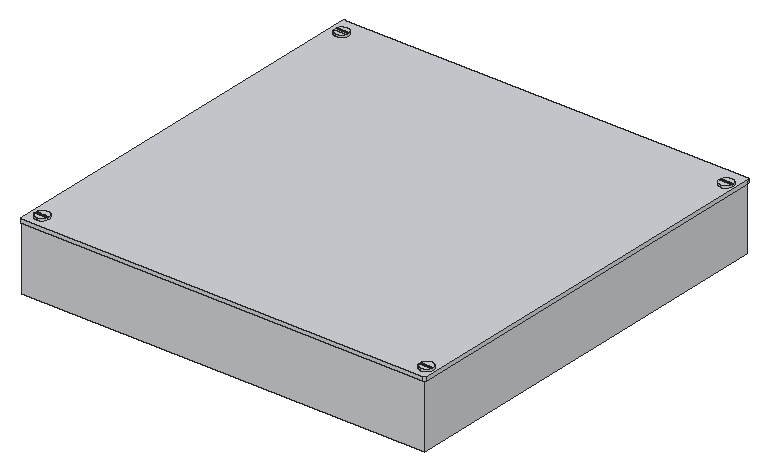
Revit family "AB24G", category Generic Models, Revit 2017
Family settings
  Can host rebar = No
  Round Connector Dimension = Use Diameter
  Part Type = Normal
  Work Plane-Based = Yes
  Always vertical = No
  Cut with Voids When Loaded = No
  Shared = No
  Room Calculation Point = No
Parameters (values of type "NBS Standard Parameters")
  Weight = "2.48Kg"
  WarrantyStartDate [instance] = "1900-12-31T23:59:59"
  WarrantyGuarantorParts = "n/a"
  WarrantyGuarantorLabor = "n/a"
  WarrantyDurationUnit = "1 year"
  WarrantyDurationParts = "n/a"
  WarrantyDurationLabor = "n/a"
  WarrantyDescription = "n/a"
  Version = "1"
  Uniclass2 = "Pr_65_52_01_86"
  TagNumber [instance] = "n/a"
  SustainabilityPerformance = "n/a"
  Size = "300 X 300 X 100mm (12 X 12 X 4\")"
  Shape = "Square"
  SerialNumber [instance] = "n/a"
  Revision = "n/a"
  ReplacementCost = "n/a"
  ProductInformation = "www.metpro.co.uk/pdf/ab24g.pdf"
  NominalWidth = 300 mm
  NominalLength = 300 mm
  NominalHeight = 100 mm
  Name = ""
  NBSTypeID = ""
  NBSReference = "45-35-00/340"
  NBSOfficeMasterTag = ""
  NBSNote = ""
  NBSDescription = "Surface Boxes"
  NBSCertification = ""
  ModelReference = "AB24G"
  ModelNumber = "n/a"
  Material = "Galvanised Steel Sheet"
  ManufacturerURL = "www.metpro.co.uk"
  ManufacturerName = "Metpro Ltd"
  Keynote = "Compliant to LU Standard 1-085"
  InstallationDate [instance] = "1900-12-31T23:59:59"
  IfcExportType = ""
  IfcExportAs = ""
  Grade = "n/a"
  Finish = "Pre Galvanised Sheet Steel"
  Features = "n/a"
  ExpectedLife = "n/a"
  DurationUnit = "year"
  Description = "AB24G - 300 X 300 X 100mm ( 12 X 12 X 4\")  Adaptable Box - Plain"
  Default Elevation = 1219.2 mm
  Constituents = "n/a"
  Color = "n/a"
  CodePerformance = "n/a"
  Category = "n/a"
  BarCode [instance] = "n/a"
  BIMObjectName = "Metpro_metprolibrary_surfaceboxes_adaptablebox_plainsided"
  Author = "Metpro Ltd"
  AssetType = ""
  AssetIdentifier [instance] = "n/a"
  AccessibilityPerformance = "n/a"
Reference planes
  plane 1 "Center (Front/Back)": y = 0
  plane 2: z = 0
  plane 3 "Center (Left/Right)": x = 0
Forms (mm)
  Extrusion 1, solid
    sketch origin (129.103, -96.748, 128.864) x (0, -1, 0) y (1, 0, 0)
      loop
        line (-2.199, -305) -> (-2.199, -5) -> (-302.199, -5) -> (-302.199, -305) -> (-2.199, -305)
    from 0 to 47.5
  Extrusion 2, solid
    sketch origin (129.103, -96.748, 176.364) x (0, -1, 0) y (1, 0, 0)
      loop
        line (-301.75, -306) -> (-2.599, -306)
        arc (-2.599, -306) -> (-1.609, -305.59) -> (-1.199, -304.6) r 1.4
        line (-1.199, -304.6) -> (-1.199, -5.4)
        arc (-1.199, -5.4) -> (-1.609, -4.41) -> (-2.599, -4) r 1.4
        line (-2.599, -4) -> (-301.799, -4)
        arc (-301.799, -4) -> (-302.789, -4.41) -> (-303.199, -5.4) r 1.4
        line (-303.199, -5.4) -> (-303.199, -304.551)
        arc (-303.199, -304.551) -> (-302.774, -305.576) -> (-301.75, -306) r 1.449
    from 0 to 2.5
  Extrusion 3, solid
    sketch origin (129.103, -92.373, 178.864) x (0, -1, 0) y (1, 0, 0)
      loop
        circle (-285.949, -297.25) r 5
      loop
        circle (-7.199, -297.25) r 5
      loop
        circle (-285.949, -11) r 5
      loop
        circle (-7.199, -11) r 5
    from 0 to 1
  Extrusion 4, void
    sketch origin (129.103, -92.373, 179.864) x (1, 0, 0) y (0, -1, 0)
      loop
        line (-303.636, -5.85) -> (-303.636, -8.35) -> (-288.636, -8.35) -> (-288.636, -5.85) -> (-303.636, -5.85)
      loop
        line (-307.386, -287.283) -> (-287.386, -287.283) -> (-287.386, -284.783) -> (-307.386, -284.783) -> (-307.386, -287.283)
      loop
        line (-17.801, -284.99) -> (-17.801, -287.009) -> (-2.801, -287.009) -> (-2.801, -284.99) -> (-17.801, -284.99)
      loop
        line (-17.956, -5.647) -> (-17.956, -7.821) -> (-1.342, -7.821) -> (-1.342, -5.647) -> (-17.956, -5.647)
    from 0 to 0.5
Cuts and joins
  Extrusion 4 cuts Extrusion 3
Dimensions and locks
  aligned and locked: level to plane 2
